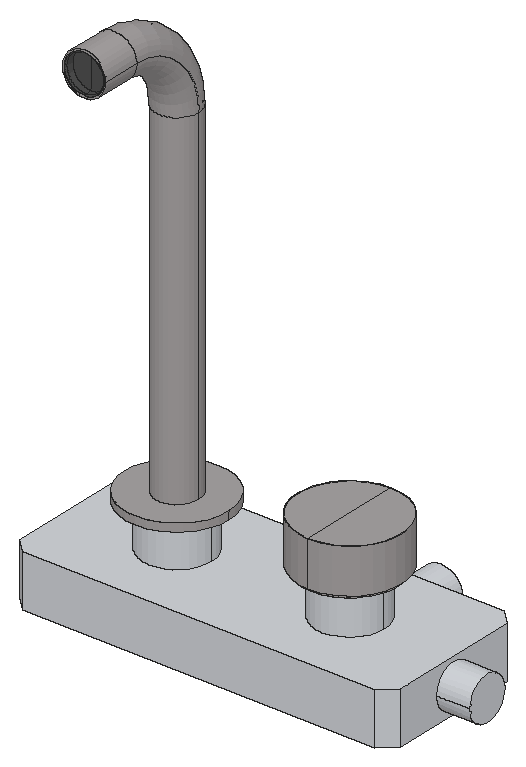
Revit family "Reece_Tap_Milli_Pure_Basin Mixer_Progressive_Wall Mounted_250 mm_Linear Texture", category Plumbing Fixtures, host Face, Revit 2018
Family settings
  Host = Face
  Round Connector Dimension = Use Diameter
  Part Type = Normal
  Cut with Voids When Loaded = No
  Shared = Yes
  Room Calculation Point = Yes
Parameters (values of type "Brushed Gunmetal")
  WFU = 0  # constant formula
  URL = "https://www.reece.com.au/product/-2224804"
  Type Comments = "Tap"
  Reece_Tap_Reach = 250 mm  # constant formula
  Reece_Tap_Inlet = 12 mm  # constant formula
  Reece_Product_Web Page = "https://www.reece.com.au/product/-2224804"
  Reece_Product_Type = "Tap"  # constant formula
  Reece_Product_Sub Brand = "Pure"  # constant formula
  Reece_Product_Number = "2224804"
  Reece_Product_Mount = "Wall Mounted"
  Reece_Product_Description = "Milli Pure Progressive Wall Basin Mixer Tap System 250mm with Linear Textured Handle Brushed Gunmetal (3 star)"
  Reece_Product_Brand = "Milli"  # constant formula
  Reece_Overall_Length = 262.5 mm  # constant formula
  Reece_Material_Secondary = Reece_Brass_Brushed Gunmetal_Linear Pattern
  Reece_Material-Main = Reece_Brass_Brushed Gunmetal
  Reece_Detail_Tap_Handle Texture = "Linear Texture\r\n"  # constant formula
  Reece_Detail_Installation = ""
  Reece_Detail_Disclaimer = "THIS FILE IS THE PROPERTY OF THE REECE GROUP. IT MAY NOT BE REPRODUCED, REVERSE-ENGINEERED OR MODIFIED. ANY REPUBLICATION, TRANSMISSION OR DISTRIBUTION FOR THE PURPOSE OF COMMERCIALLY EXPLOITING THE FILES IS PROHIBITED."  # constant formula
  Reece_Detail_Connector = ""
  Reece_Detail_Additional = "Basin Mixer"  # constant formula
  Reece_3D Texture = no
  Reece_3D Simplified Geometry = not(Reece_3D Texture)  # yes
  Model = "Pure"
  Manufacturer = "Milli"
  Keynote = "Product #2224804, Reece_Tap_Milli_Pure_Basin Mixer_Progressive_Wall Mounted_250 mm_Linear Texture - Brushed Gunmetal"
  HWFU = 0  # constant formula
  Disclaimer = "THIS FILE IS THE PROPERTY OF THE REECE GROUP. IT MAY NOT BE REPRODUCED, REVERSE-ENGINEERED OR MODIFIED. ANY REPUBLICATION, TRANSMISSION OR DISTRIBUTION FOR THE PURPOSE OF COMMERCIALLY EXPLOITING THE FILES IS PROHIBITED."  # constant formula
  Description = "Milli Pure Progressive Wall Basin Mixer Tap System 250mm with Linear Textured Handle Brushed Gunmetal (3 star)"
  Default Elevation = 1000 mm
  CWFU = 0  # constant formula
Types (7, lengths in mm): name | URL | Reece_Product_Web Page | Reece_Product_Number | Reece_Product_Description | Reece_Material_Secondary | Reece_Material-Main | Keynote | Description
  (no name) | "https://www.reece.com.au/product/-9510862" | "https://www.reece.com.au/product/-9510862" | "9510862" | "Milli Pure Progressive Wall Basin Mixer Tap System 250mm with Linear Textured Handle PVD Brushed Gold (3 Star)" | Reece_PVD_Brushed Gold_Linear Pattern | Reece_PVD_Brushed Gold | "Product #9510862, Reece_Tap_Milli_Pure_Basin Mixer_Progressive_Wall Mounted_250 mm_Linear Texture -  " | "Milli Pure Progressive Wall Basin Mixer Tap System 250mm with Linear Textured Handle PVD Brushed Gold (3 Star)"
  Brushed Gunmetal | "https://www.reece.com.au/product/-2224804" | "https://www.reece.com.au/product/-2224804" | "2224804" | "Milli Pure Progressive Wall Basin Mixer Tap System 250mm with Linear Textured Handle Brushed Gunmetal (3 star)" | Reece_Brass_Brushed Gunmetal_Linear Pattern | Reece_Brass_Brushed Gunmetal | "Product #2224804, Reece_Tap_Milli_Pure_Basin Mixer_Progressive_Wall Mounted_250 mm_Linear Texture - Brushed Gunmetal" | "Milli Pure Progressive Wall Basin Mixer Tap System 250mm with Linear Textured Handle Brushed Gunmetal (3 star)"
  Chrome | "https://www.reece.com.au/product/-2224802" | "https://www.reece.com.au/product/-2224802" | "2224802" | "Milli Pure Progressive Wall Basin Mixer Tap System 250mm with Linear Textured Handle Chrome (3 star)" | Reece_Brass_Chrome_Linear Pattern | Reece_Brass_Chrome | "Product #2224802, Reece_Tap_Milli_Pure_Basin Mixer_Progressive_Wall Mounted_250 mm_Linear Texture - Chrome" | "Milli Pure Progressive Wall Basin Mixer Tap System 250mm with Linear Textured Handle Chrome (3 star)"
  Matte Black | "https://www.reece.com.au/product/-2224805" | "https://www.reece.com.au/product/-2224805" | "2224805" | "Milli Pure Progressive Wall Basin Mixer Tap System 250mm with Linear Textured Handle Matte Black (3 star)" | Reece_Brass_Matte Black_Linear Pattern | Reece_Brass_Matte Black | "Product #2224805, Reece_Tap_Milli_Pure_Basin Mixer_Progressive_Wall Mounted_250 mm_Linear Texture - Matte Black" | "Milli Pure Progressive Wall Basin Mixer Tap System 250mm with Linear Textured Handle Matte Black (3 star)"
  Brushed Nickel | "https://www.reece.com.au/product/-2224803" | "https://www.reece.com.au/product/-2224803" | "2224803" | "Milli Pure Progressive Wall Basin Mixer Tap System 250mm with Linear Textured Handle Brushed Nickel (3 star)" | Reece_Brass_Brushed Nickel_Linear Pattern | Reece_Brass_Brushed Nickel | "Product #2224803, Reece_Tap_Milli_Pure_Basin Mixer_Progressive_Wall Mounted_250 mm_Linear Texture - Brushed Nickel" | "Milli Pure Progressive Wall Basin Mixer Tap System 250mm with Linear Textured Handle Brushed Nickel (3 star)"
  PVD Brushed Bronze | "https://www.reece.com.au/product/-9511047" | "https://www.reece.com.au/product/-9511047" | "9511047" | "Milli Pure Progressive Wall Basin Mixer Tap System 250mm with Linear Textured Handle PVD Brushed Bronze (3 Star)" | Reece_PVD_Brushed Bronze_Linear Pattern | Reece_PVD_Brushed Bronze | "Product #9511047, Reece_Tap_Milli_Pure_Basin Mixer_Progressive_Wall Mounted_250 mm_Linear Texture - PVD Brushed Bronze" | "Milli Pure Progressive Wall Basin Mixer Tap System 250mm with Linear Textured Handle PVD Brushed Bronze (3 Star)"
  PVD Brushed Gold | "https://www.reece.com.au/product/-9510862" | "https://www.reece.com.au/product/-9510862" | "9510862" | "Milli Pure Progressive Wall Basin Mixer Tap System 250mm with Linear Textured Handle PVD Brushed Gold (3 Star)" | Reece_PVD_Brushed Gold_Linear Pattern | Reece_PVD_Brushed Gold | "Product #9510862, Reece_Tap_Milli_Pure_Basin Mixer_Progressive_Wall Mounted_250 mm_Linear Texture - PVD Brushed Gold" | "Milli Pure Progressive Wall Basin Mixer Tap System 250mm with Linear Textured Handle PVD Brushed Gold (3 Star)"
Reference planes
  plane 1 "Center (Front/Back)": y = 0
  plane 2 "Bottom": z = 0
  plane 3 "Center (Left/Right)": x = 0
  plane 4 "Top": z = 262.5
  plane 5: z = 250
  plane 6: y = -67
  plane 7: x = 50
Forms (mm)
  Extrusion 1, solid, material "Reece_Brass_Brushed Gunmetal" <- "Reece_Material-Main"
    sketch origin (0, 0, 0) x (1, 0, 0) y (0, 1, 0)
      loop
        circle (-50, 0) r 30
    from 0 to 4.5
  Extrusion 2, solid, material "Reece_Brass_Brushed Gunmetal" <- "Reece_Material-Main"
    sketch origin (0, 0, 0) x (1, 0, 0) y (0, 1, 0)
      loop
        circle (50, 0) r 28
    from 1.5 to 0
  Sweep 3, solid, material "Reece_Brass_Brushed Gunmetal" <- "Reece_Material-Main"
    path origin (0, 0, 0) x (0, 1, 0) y (0, 0, 1)
      loop
        line (-67, 250) -> (-45, 250)
        arc (-45, 250) -> (-13.18, 236.82) -> (0, 205) r 45
        line (0, 205) -> (0, 0)
    profile origin (0, 0, 102.5) x (1, 0, 0) y (0, 1, 0)
      loop
        circle (-50, 0) r 12.5
      loop
        circle (-50, 0) r 11.5
  Revolve 4, solid, material "Reece_Brass_Matte Black"
    sketch origin (-50, -183.21, 118.488) x (0, 0.572951, -0.81959) y (0, 0.81959, 0.572951)
      loop
        line (-38.39, 174.619) -> (-37.119, 176.437) -> (-46.38, 182.911) -> (-50.465, 177.068) -> (-49.461, 177.508) -> (-47.184, 180.766) -> (-38.39, 174.619)
      axis (-37.119, 176.437) -> (-41.203, 170.594)
    angle from 0 to 360
  Extrusion 5, solid
    sketch origin (0, 0, 0) x (1, 0, 0) y (0, 1, 0)
      loop
        circle (50, 0) r 20
    from 0 to -25
  Extrusion 6, solid
    sketch origin (0, 0, 0) x (1, 0, 0) y (0, 1, 0)
      loop
        line (-101.853, 46.5) -> (-110, 38.353) -> (-110, -38.353) -> (-101.853, -46.5) -> (101.853, -46.5) -> (110, -38.353) -> (110, 38.353) -> (101.853, 46.5) -> (-101.853, 46.5)
    from -55 to -25
  Extrusion 7, solid
    sketch origin (-100, 0, 0) x (1, 0, 0) y (0, 1, 0)
      loop
        circle (50, 0) r 20
    from 0 to -25
  Extrusion 8, solid
    sketch origin (0, 0, 0) x (1, 0, 0) y (0, 0, 1)
      loop
        circle (50, -40) r 12.5
    from -66.119 to -46.5
  Extrusion 9, solid
    sketch origin (63.5, 50, 0) x (0, -1, 0) y (0, 0, 1)
      loop
        circle (50, -40) r 12.5
    from -66.119 to -46.5
  Extrusion 10, void
    sketch origin (-100, 0, 0) x (1, 0, 0) y (0, 1, 0)
      loop
        circle (50, 0) r 25
    from 0 to -30
  Extrusion 11, void
    sketch origin (100, 0, 0) x (-1, 0, 0) y (0, -1, 0)
      loop
        circle (50, 0) r 25
    from 0 to -30
Cuts and joins
  Extrusion 11 cuts Extrusion 1
  Extrusion 11 cuts Sweep 3
  joined: Extrusion 1, Sweep 3
  Extrusion 11 cuts Extrusion 7
  Extrusion 11 cuts Extrusion 8
  Extrusion 11 cuts Extrusion 9
  joined: Extrusion 5, Extrusion 6, Extrusion 7, Extrusion 8, Extrusion 9
Text (mm)
  text "Reece Copyright © 2018, Reece Ltd." at (-1403.988, -1192.393, 0), in view "Ref. Level"
  text "Reece ©" at (44.384, 258.95, 192.345), in view "Reece Preview"
Dimensions and locks
  "Reece_Tap_Reach": plane 5 to plane 2 "Bottom"
  plane 1 "Center (Front/Back)" to plane 6 = 67 mm
  locked: plane 4 "Top" to plane 5 at 12.5
  "Reece_Overall_Length": plane 4 "Top" to plane 2 "Bottom"
  aligned and locked: plane 2 "Bottom" to host face
  aligned and locked: level to host face
  aligned and locked: host face to Extrusion 10
Automatic sketch dimensions
  host sketch curve to host sketch curve = 380.785 mm
  host sketch curve to host sketch curve = 317.421 mm
  plane 1 "Center (Front/Back)" to Extrusion 1 sketch curve = 0 mm
  Extrusion 1 sketch curve to plane 3 "Center (Left/Right)" = 50 mm
  plane 1 "Center (Front/Back)" to Extrusion 2 sketch curve = 0 mm
  plane 3 "Center (Left/Right)" to Extrusion 2 sketch curve = 50 mm
  Sweep 3 sketch curve to plane 5 = 0 mm
  Sweep 3 sketch curve to plane 6 = 0 mm
  level to Sweep 3 sketch curve = 0 mm
  Sweep 3 sketch curve to plane 1 "Center (Front/Back)" = 0 mm
  Sweep 3 sketch curve to plane 6 = 22 mm
  Sweep 3 sketch curve to Sweep 3 sketch curve = 0 mm  (x2)
  profile plane to Sweep 3 sketch curve = 0 mm
  Sweep 3 sketch curve to plane 3 "Center (Left/Right)" = 50 mm
  Revolve 4 sketch curve to plane 5 = 0 mm  (x4)
  Revolve 4 sketch curve to plane 6 = 0 mm
  Revolve 4 sketch curve to plane 4 "Top" = 1.2 mm
  Revolve 4 sketch curve to Revolve 4 sketch curve = 1.003 mm
  Revolve 4 sketch curve to Revolve 4 sketch curve = 2.278 mm
  Revolve 4 sketch curve to Revolve 4 sketch curve = 0.803 mm
  Revolve 4 sketch curve to Revolve 4 sketch curve = 1.271 mm
  Revolve 4 sketch curve to Revolve 4 sketch curve = 17.422 mm
  Revolve 4 sketch curve to Revolve 4 sketch curve = 3.892 mm
  Extrusion 5 sketch curve to Extrusion 5 sketch curve = 0 mm  (x2)
  plane 1 "Center (Front/Back)" to Extrusion 5 sketch curve = 0 mm
  plane 3 "Center (Left/Right)" to Extrusion 5 sketch curve = 50 mm
  Extrusion 5 sketch curve to Extrusion 5 sketch curve = 20 mm
  Extrusion 6 sketch curve to Extrusion 6 sketch curve = 8.147 mm  (x7)
  Extrusion 6 sketch curve to plane 1 "Center (Front/Back)" = 46.5 mm
  Extrusion 6 sketch curve to plane 3 "Center (Left/Right)" = 101.853 mm
  Extrusion 6 sketch curve to plane 6 = 20.5 mm
  Extrusion 6 sketch curve to Extrusion 6 sketch curve = 0 mm
  Extrusion 7 sketch curve to Extrusion 7 sketch curve = 0 mm  (x2)
  plane 1 "Center (Front/Back)" to Extrusion 7 sketch curve = 0 mm
  Extrusion 7 sketch curve to plane 3 "Center (Left/Right)" = 50 mm
  Extrusion 7 sketch curve to Extrusion 7 sketch curve = 20 mm
  plane 3 "Center (Left/Right)" to Extrusion 8 sketch curve = 50 mm
  Extrusion 8 sketch curve to level = 40 mm
  Extrusion 9 sketch curve to plane 1 "Center (Front/Back)" = 0 mm
  Extrusion 9 sketch curve to level = 40 mm
  Extrusion 10 sketch curve to Extrusion 10 sketch curve = 0 mm  (x2)
  plane 1 "Center (Front/Back)" to Extrusion 10 sketch curve = 0 mm
  Extrusion 10 sketch curve to plane 3 "Center (Left/Right)" = 50 mm
  Extrusion 10 sketch curve to Extrusion 10 sketch curve = 25 mm
  Extrusion 11 sketch curve to Extrusion 11 sketch curve = 0 mm  (x2)
  plane 1 "Center (Front/Back)" to Extrusion 11 sketch curve = 0 mm
  Extrusion 11 sketch curve to plane 3 "Center (Left/Right)" = 50 mm
  Extrusion 11 sketch curve to Extrusion 11 sketch curve = 25 mm
  plane 3 "Center (Left/Right)" to Extrusion 6 sketch curve = 101.853 mm
  radius of Extrusion 1 sketch curve = 30 mm
  radius of Extrusion 2 sketch curve = 28 mm
  radius of Sweep 3 sketch curve = 12.5 mm
  radius of Sweep 3 sketch curve = 11.5 mm
  radius of Extrusion 8 sketch curve = 12.5 mm
  radius of Extrusion 9 sketch curve = 12.5 mm
Nested families
  nested 1: "Reece_Tap_Milli_Pure_Diverter_Linear Texture_Cap_60mm" at (50, 0, 0), visible <- "Reece_3D Texture", Reece_Material-Main <- "Reece_Material-Main", Reece_Material_Secondary <- "Reece_Material_Secondary", type "60mm x 28mm"
    with Reece_Material_Secondary Reece_Brass_Brushed Gunmetal_Linear Pattern, Reece_Material-Main Reece_Brass_Brushed Gunmetal
  nested 2: "Reece_Tap_Milli_Pure_Diverter_Texture_Main_Nested" at (50, 0, 0), visible <- "Reece_3D Simplified Geometry", Reece_Material-Main <- "Reece_Material-Main", Reece_Material_Secondary <- "Reece_Material_Secondary", type "60mm x 28mm"
    with Reece_Material_Secondary Reece_Brass_Brushed Gunmetal_Linear Pattern, Reece_Material-Main Reece_Brass_Brushed Gunmetal
Connectors
  piping at (50, 66.119, -40), diameter 12, driven by "Reece_Tap_Inlet"
    settings: on cut or joined group of Extrusion 5, Extrusion 6, Extrusion 7, Extrusion 8, Extrusion 9, Extrusion 11, index 1, connector inside diameter 609.6 mm, connector length 0 mm, flow factor 0, pipe flow 0.0 L/s, pressure drop 0.0 Pa, fitting loss kfactor 0, connector angle 0.00°, fixture units 0, engagement length 0 mm, angle of deflection 0.00°, flow configuration 0, flow direction 1, fitting loss method 0, system type 29, joint type 0, gender type 0, connector reference index -1, connector utility 0, adjustable connector no, is connector primary yes, connector description ""
  piping at (129.619, 0, -40), diameter 12, driven by "Reece_Tap_Inlet"
    settings: on cut or joined group of Extrusion 5, Extrusion 6, Extrusion 7, Extrusion 8, Extrusion 9, Extrusion 11, index 2, connector inside diameter 609.6 mm, connector length 0 mm, flow factor 0, pipe flow 0.0 L/s, pressure drop 0.0 Pa, fitting loss kfactor 0, connector angle 0.00°, fixture units 0, engagement length 0 mm, angle of deflection 0.00°, flow configuration 0, flow direction 1, fitting loss method 0, system type 29, joint type 0, gender type 0, connector reference index -1, connector utility 0, adjustable connector no, is connector primary no, connector description ""
Definition of nested family "Reece_Tap_Milli_Pure_Diverter_Linear Texture_Cap_60mm"
  Parameters (values of type "60mm x 28mm")
    WFU = 0  # constant formula
    Reece_Tap_Inlet = 0 mm
    Reece_Overall_Length = 60 mm
    Reece_Overall_Height = 28 mm
    Reece_Material_Secondary [instance] = none
    Reece_Material-Main [instance] = none
    Reece_Detail_Installation = ""
    Reece_Detail_Connector = ""
    Reece_Detail_Additional = ""
    HWFU = 0  # constant formula
    Default Elevation = 1000 mm
    CWFU = 0  # constant formula
  Reference planes
    plane 1 "Center (Front/Back)": y = 0
    plane 2 "Bottom": z = 0
    plane 3 "Center (Left/Right)": x = 0
    plane 4: z = 28
    plane 5: y = -30
    plane 6: y = 30
  Forms (mm)
    Extrusion 1, solid
      sketch origin (619.2, -619.2, 0) x (1, 0, 0) y (0, 1, 0)
        loop
          line (-809.2, 779.2) -> (-809.2, 461.779) -> (-428.415, 461.779) -> (-428.415, 779.2) -> (-809.2, 779.2)
      from 0 to -9.564
    Revolve 2, solid, material <- "Reece_Material-Main"
      sketch origin (0, 0, -140.292) x (0, 1, 0) y (0, 0, 1)
        loop
          line (0, 148.292) -> (-30, 148.292) -> (-30, 142.292) -> (-27.915, 142.292) -> (-27.915, 140.292) -> (-25.915, 140.292) -> (-25.915, 144.803) -> (0, 144.803) -> (0, 148.292)
        axis (0, 140.292) -> (0, 148.292)
      angle from 0 to 360
    Extrusion 3, solid, material <- "Reece_Material-Main"
      sketch origin (300, 0, 0) x (1, 0, 0) y (0, 1, 0)
        loop
          arc (-296.155, 28.799) -> (-297.018, 29.853) -> (-298.073, 28.991) r 0.964
          arc (-298.073, 28.991) -> (-298.726, 29.95) -> (-299.664, 29.266) r 0.808
          arc (-299.664, 29.266) -> (-300.6, 29.978) -> (-301.291, 29.026) r 0.823
          arc (-301.291, 29.026) -> (-302.327, 29.911) -> (-303.213, 28.877) r 0.964
          arc (-303.213, 28.877) -> (-304.305, 29.691) -> (-305.121, 28.6) r 0.964
          arc (-305.121, 28.6) -> (-306.265, 29.34) -> (-307.007, 28.197) r 0.964
          arc (-307.007, 28.197) -> (-308.197, 28.86) -> (-308.861, 27.671) r 0.964
          arc (-308.861, 27.671) -> (-310.093, 28.253) -> (-310.677, 27.022) r 0.964
          arc (-310.677, 27.022) -> (-311.945, 27.522) -> (-312.445, 26.254) r 0.964
          arc (-312.445, 26.254) -> (-313.743, 26.669) -> (-314.159, 25.371) r 0.964
          arc (-314.159, 25.371) -> (-315.482, 25.699) -> (-315.811, 24.376) r 0.964
          arc (-315.811, 24.376) -> (-317.152, 24.615) -> (-317.393, 23.274) r 0.964
          arc (-317.393, 23.274) -> (-318.747, 23.423) -> (-318.898, 22.069) r 0.964
          arc (-318.898, 22.069) -> (-320.259, 22.129) -> (-320.32, 20.767) r 0.964
          arc (-320.32, 20.767) -> (-321.682, 20.736) -> (-321.652, 19.374) r 0.964
          arc (-321.652, 19.374) -> (-323.01, 19.253) -> (-322.89, 17.895) r 0.964
          arc (-322.89, 17.895) -> (-324.236, 17.684) -> (-324.026, 16.338) r 0.964
          arc (-324.026, 16.338) -> (-325.355, 16.038) -> (-325.057, 14.708) r 0.964
          arc (-325.057, 14.708) -> (-326.363, 14.321) -> (-325.977, 13.014) r 0.964
          arc (-325.977, 13.014) -> (-327.255, 12.541) -> (-326.783, 11.263) r 0.964
          arc (-326.783, 11.263) -> (-328.027, 10.706) -> (-327.471, 9.462) r 0.964
          arc (-327.471, 9.462) -> (-328.675, 8.824) -> (-328.038, 7.619) r 0.964
          arc (-328.038, 7.619) -> (-329.197, 6.902) -> (-328.482, 5.743) r 0.964
          arc (-328.482, 5.743) -> (-329.59, 4.951) -> (-328.8, 3.841) r 0.964
          arc (-328.8, 3.841) -> (-329.854, 2.978) -> (-328.991, 1.923) r 0.964
          arc (-328.991, 1.923) -> (-329.985, 0.991) -> (-329.055, -0.004) r 0.964
          arc (-329.055, -0.004) -> (-329.985, -1) -> (-328.991, -1.931) r 0.964
          arc (-328.991, -1.931) -> (-329.853, -2.986) -> (-328.799, -3.85) r 0.964
          arc (-328.799, -3.85) -> (-329.589, -4.96) -> (-328.48, -5.751) r 0.964
          arc (-328.48, -5.751) -> (-329.195, -6.911) -> (-328.036, -7.627) r 0.964
          arc (-328.036, -7.627) -> (-328.672, -8.832) -> (-327.468, -9.47) r 0.964
          arc (-327.468, -9.47) -> (-328.023, -10.714) -> (-326.78, -11.271) r 0.964
          arc (-326.78, -11.271) -> (-327.251, -12.549) -> (-325.973, -13.022) r 0.964
          arc (-325.973, -13.022) -> (-326.359, -14.329) -> (-325.052, -14.716) r 0.964
          arc (-325.052, -14.716) -> (-325.351, -16.045) -> (-324.021, -16.345) r 0.964
          arc (-324.021, -16.345) -> (-324.231, -17.691) -> (-322.884, -17.902) r 0.964
          arc (-322.884, -17.902) -> (-323.004, -19.259) -> (-321.647, -19.38) r 0.964
          arc (-321.647, -19.38) -> (-321.676, -20.743) -> (-320.314, -20.773) r 0.964
          arc (-320.314, -20.773) -> (-320.253, -22.135) -> (-318.891, -22.075) r 0.964
          arc (-318.891, -22.075) -> (-318.74, -23.429) -> (-317.386, -23.279) r 0.964
          arc (-317.386, -23.279) -> (-317.145, -24.62) -> (-315.804, -24.381) r 0.964
          arc (-315.804, -24.381) -> (-315.474, -25.703) -> (-314.152, -25.375) r 0.964
          arc (-314.152, -25.375) -> (-313.736, -26.673) -> (-312.438, -26.258) r 0.964
          arc (-312.438, -26.258) -> (-311.936, -27.525) -> (-310.669, -27.025) r 0.964
          arc (-310.669, -27.025) -> (-310.085, -28.256) -> (-308.853, -27.673) r 0.964
          arc (-308.853, -27.673) -> (-308.189, -28.863) -> (-306.998, -28.199) r 0.964
          arc (-306.998, -28.199) -> (-306.256, -29.342) -> (-305.113, -28.601) r 0.964
          arc (-305.113, -28.601) -> (-304.297, -29.693) -> (-303.205, -28.878) r 0.964
          arc (-303.205, -28.878) -> (-302.318, -29.912) -> (-301.282, -29.026) r 0.964
          arc (-301.282, -29.026) -> (-300.329, -30) -> (-299.354, -29.048) r 0.964
          arc (-299.354, -29.048) -> (-298.339, -29.956) -> (-297.429, -28.941) r 0.964
          arc (-297.429, -28.941) -> (-296.356, -29.78) -> (-295.516, -28.707) r 0.964
          arc (-295.516, -28.707) -> (-294.389, -29.472) -> (-293.622, -28.346) r 0.964
          arc (-293.622, -28.346) -> (-292.446, -29.035) -> (-291.756, -27.861) r 0.964
          arc (-291.756, -27.861) -> (-290.537, -28.47) -> (-289.926, -27.252) r 0.964
          arc (-289.926, -27.252) -> (-288.67, -27.78) -> (-288.141, -26.524) r 0.964
          arc (-288.141, -26.524) -> (-286.852, -26.968) -> (-286.408, -25.679) r 0.964
          arc (-286.408, -25.679) -> (-285.093, -26.036) -> (-284.735, -24.722) r 0.964
          arc (-284.735, -24.722) -> (-283.399, -24.99) -> (-283.129, -23.655) r 0.964
          arc (-283.129, -23.655) -> (-281.778, -23.834) -> (-281.597, -22.484) r 0.964
          arc (-281.597, -22.484) -> (-280.238, -22.573) -> (-280.147, -21.214) r 0.964
          arc (-280.147, -21.214) -> (-278.784, -21.213) -> (-278.783, -19.85) r 0.964
          arc (-278.783, -19.85) -> (-277.424, -19.759) -> (-277.514, -18.399) r 0.964
          arc (-277.514, -18.399) -> (-276.163, -18.218) -> (-276.343, -16.868) r 0.964
          arc (-276.343, -16.868) -> (-275.007, -16.597) -> (-275.276, -15.262) r 0.964
          arc (-275.276, -15.262) -> (-273.962, -14.903) -> (-274.319, -13.588) r 0.964
          arc (-274.319, -13.588) -> (-273.03, -13.144) -> (-273.474, -11.855) r 0.964
          arc (-273.474, -11.855) -> (-272.218, -11.326) -> (-272.746, -10.07) r 0.964
          arc (-272.746, -10.07) -> (-271.528, -9.459) -> (-272.138, -8.24) r 0.964
          arc (-272.138, -8.24) -> (-270.964, -7.549) -> (-271.653, -6.374) r 0.964
          arc (-271.653, -6.374) -> (-270.527, -5.607) -> (-271.293, -4.48) r 0.964
          arc (-271.293, -4.48) -> (-270.22, -3.64) -> (-271.059, -2.566) r 0.964
          arc (-271.059, -2.566) -> (-270.044, -1.657) -> (-270.952, -0.641) r 0.964
          arc (-270.952, -0.641) -> (-270, 0.333) -> (-270.974, 1.287) r 0.964
          arc (-270.974, 1.287) -> (-270.088, 2.322) -> (-271.123, 3.209) r 0.964
          arc (-271.123, 3.209) -> (-270.308, 4.301) -> (-271.399, 5.117) r 0.964
          arc (-271.399, 5.117) -> (-270.659, 6.261) -> (-271.802, 7.002) r 0.964
          arc (-271.802, 7.002) -> (-271.138, 8.193) -> (-272.328, 8.857) r 0.964
          arc (-272.328, 8.857) -> (-271.745, 10.089) -> (-272.977, 10.673) r 0.964
          arc (-272.977, 10.673) -> (-272.477, 11.941) -> (-273.744, 12.442) r 0.964
          arc (-273.744, 12.442) -> (-273.329, 13.74) -> (-274.627, 14.156) r 0.964
          arc (-274.627, 14.156) -> (-274.299, 15.478) -> (-275.621, 15.807) r 0.964
          arc (-275.621, 15.807) -> (-275.382, 17.149) -> (-276.723, 17.389) r 0.964
          arc (-276.723, 17.389) -> (-276.574, 18.744) -> (-277.928, 18.895) r 0.964
          arc (-277.928, 18.895) -> (-277.868, 20.256) -> (-279.23, 20.317) r 0.964
          arc (-279.23, 20.317) -> (-279.261, 21.679) -> (-280.623, 21.65) r 0.964
          arc (-280.623, 21.65) -> (-280.744, 23.007) -> (-282.101, 22.887) r 0.964
          arc (-282.101, 22.887) -> (-282.312, 24.233) -> (-283.659, 24.024) r 0.964
          arc (-283.659, 24.024) -> (-283.958, 25.353) -> (-285.288, 25.055) r 0.964
          arc (-285.288, 25.055) -> (-285.675, 26.361) -> (-286.982, 25.975) r 0.964
          arc (-286.982, 25.975) -> (-287.455, 27.253) -> (-288.733, 26.781) r 0.964
          arc (-288.733, 26.781) -> (-289.29, 28.025) -> (-290.534, 27.47) r 0.964
          arc (-290.534, 27.47) -> (-291.172, 28.674) -> (-292.377, 28.037) r 0.964
          arc (-292.377, 28.037) -> (-293.093, 29.196) -> (-294.253, 28.481) r 0.964
          arc (-294.253, 28.481) -> (-295.045, 29.59) -> (-296.155, 28.799) r 0.964
      from 8 to 28
  Text (mm)
    text "Reece Copyright © 2018, Reece Ltd." at (-1403.988, -1192.393, 0), in view "Ref. Level"
    text "Reece ©" at (44.384, 258.95, 192.345), in view "Reece Preview"
  Dimensions and locks
    "Reece_Overall_Height": plane 4 to plane 2 "Bottom"
    "Reece_Overall_Length": plane 5 to plane 6
    equal spacing: plane 6, plane 1 "Center (Front/Back)", plane 5
    aligned and locked: plane 2 "Bottom" to Extrusion 1
    aligned and locked: level to Extrusion 1
    aligned and locked: plane 4 to Extrusion 3
  Automatic sketch dimensions
    Extrusion 1 sketch curve to Extrusion 1 sketch curve = 380.785 mm
    Extrusion 1 sketch curve to Extrusion 1 sketch curve = 317.421 mm
    level to Revolve 2 sketch curve = 0 mm
    Revolve 2 sketch curve to plane 1 "Center (Front/Back)" = 0 mm  (x2)
    level to Revolve 2 sketch curve = 2 mm
    level to Revolve 2 sketch curve = 4.511 mm
    Revolve 2 sketch curve to Revolve 2 sketch curve = 3.489 mm
    plane 4 to Revolve 2 sketch curve = 17.996 mm
    Revolve 2 sketch curve to Revolve 2 sketch curve = 3.712 mm
    Revolve 2 sketch curve to plane 5 = 0 mm
    Extrusion 3 sketch curve to plane 1 "Center (Front/Back)" = 0.959 mm
    Extrusion 3 sketch curve to plane 3 "Center (Left/Right)" = 29.022 mm
    plane 1 "Center (Front/Back)" to Extrusion 3 sketch curve = 0.968 mm
    Extrusion 3 sketch curve to Extrusion 3 sketch curve = 0 mm
    Extrusion 3 sketch curve to Extrusion 3 sketch curve = 0.128 mm  (x2)
    Extrusion 3 sketch curve to Extrusion 3 sketch curve = 0.255 mm  (x2)
    Extrusion 3 sketch curve to Extrusion 3 sketch curve = 0.381 mm  (x2)
    Extrusion 3 sketch curve to Extrusion 3 sketch curve = 0.505 mm
    Extrusion 3 sketch curve to Extrusion 3 sketch curve = 0.506 mm
    Extrusion 3 sketch curve to Extrusion 3 sketch curve = 0.627 mm
    Extrusion 3 sketch curve to Extrusion 3 sketch curve = 0.628 mm  (x2)
    Extrusion 3 sketch curve to Extrusion 3 sketch curve = 0.747 mm  (x3)
    Extrusion 3 sketch curve to Extrusion 3 sketch curve = 0.863 mm  (x2)
    Extrusion 3 sketch curve to Extrusion 3 sketch curve = 0.864 mm
    Extrusion 3 sketch curve to Extrusion 3 sketch curve = 0.975 mm
    Extrusion 3 sketch curve to Extrusion 3 sketch curve = 0.976 mm  (x2)
    Extrusion 3 sketch curve to Extrusion 3 sketch curve = 1.084 mm  (x3)
    Extrusion 3 sketch curve to Extrusion 3 sketch curve = 1.187 mm  (x3)
    Extrusion 3 sketch curve to Extrusion 3 sketch curve = 1.285 mm  (x3)
    Extrusion 3 sketch curve to Extrusion 3 sketch curve = 1.377 mm  (x2)
    Extrusion 3 sketch curve to Extrusion 3 sketch curve = 1.378 mm
    Extrusion 3 sketch curve to Extrusion 3 sketch curve = 1.464 mm  (x3)
    Extrusion 3 sketch curve to Extrusion 3 sketch curve = 1.544 mm  (x3)
    Extrusion 3 sketch curve to Extrusion 3 sketch curve = 1.617 mm  (x3)
    Extrusion 3 sketch curve to Extrusion 3 sketch curve = 1.683 mm  (x3)
    Extrusion 3 sketch curve to Extrusion 3 sketch curve = 1.741 mm  (x3)
    Extrusion 3 sketch curve to Extrusion 3 sketch curve = 1.792 mm  (x3)
    Extrusion 3 sketch curve to Extrusion 3 sketch curve = 1.835 mm  (x3)
    Extrusion 3 sketch curve to Extrusion 3 sketch curve = 1.87 mm  (x3)
    Extrusion 3 sketch curve to Extrusion 3 sketch curve = 1.897 mm  (x3)
    Extrusion 3 sketch curve to Extrusion 3 sketch curve = 1.915 mm  (x3)
    Extrusion 3 sketch curve to plane 3 "Center (Left/Right)" = 0.48 mm
    Extrusion 3 sketch curve to plane 3 "Center (Left/Right)" = 0.318 mm
    plane 3 "Center (Left/Right)" to Extrusion 3 sketch curve = 1.136 mm
    plane 3 "Center (Left/Right)" to Extrusion 3 sketch curve = 1.608 mm
    Extrusion 3 sketch curve to Extrusion 3 sketch curve = 1.75 mm
    Extrusion 3 sketch curve to Extrusion 3 sketch curve = 1.919 mm  (x2)
    Extrusion 3 sketch curve to Extrusion 3 sketch curve = 1.91 mm  (x2)
    Extrusion 3 sketch curve to Extrusion 3 sketch curve = 1.904 mm  (x2)
    Extrusion 3 sketch curve to Extrusion 3 sketch curve = 1.889 mm  (x3)
    Extrusion 3 sketch curve to Extrusion 3 sketch curve = 1.88 mm  (x2)
    Extrusion 3 sketch curve to Extrusion 3 sketch curve = 1.859 mm  (x3)
    Extrusion 3 sketch curve to Extrusion 3 sketch curve = 1.848 mm  (x2)
    Extrusion 3 sketch curve to Extrusion 3 sketch curve = 1.822 mm  (x3)
    Extrusion 3 sketch curve to Extrusion 3 sketch curve = 1.807 mm  (x2)
    Extrusion 3 sketch curve to Extrusion 3 sketch curve = 1.776 mm  (x3)
    Extrusion 3 sketch curve to Extrusion 3 sketch curve = 1.759 mm  (x2)
    Extrusion 3 sketch curve to Extrusion 3 sketch curve = 1.723 mm  (x3)
    Extrusion 3 sketch curve to Extrusion 3 sketch curve = 1.703 mm  (x2)
    Extrusion 3 sketch curve to Extrusion 3 sketch curve = 1.662 mm  (x2)
    Extrusion 3 sketch curve to Extrusion 3 sketch curve = 1.639 mm
    Extrusion 3 sketch curve to Extrusion 3 sketch curve = 1.593 mm  (x3)
    Extrusion 3 sketch curve to Extrusion 3 sketch curve = 1.569 mm  (x2)
    Extrusion 3 sketch curve to Extrusion 3 sketch curve = 1.518 mm  (x3)
    Extrusion 3 sketch curve to Extrusion 3 sketch curve = 1.491 mm  (x2)
    Extrusion 3 sketch curve to Extrusion 3 sketch curve = 1.436 mm  (x3)
    Extrusion 3 sketch curve to Extrusion 3 sketch curve = 1.407 mm  (x2)
    Extrusion 3 sketch curve to Extrusion 3 sketch curve = 1.347 mm  (x2)
    Extrusion 3 sketch curve to Extrusion 3 sketch curve = 1.316 mm
    Extrusion 3 sketch curve to Extrusion 3 sketch curve = 1.253 mm  (x3)
    Extrusion 3 sketch curve to Extrusion 3 sketch curve = 1.22 mm  (x2)
    Extrusion 3 sketch curve to Extrusion 3 sketch curve = 1.153 mm  (x3)
    Extrusion 3 sketch curve to Extrusion 3 sketch curve = 1.119 mm  (x2)
    Extrusion 3 sketch curve to Extrusion 3 sketch curve = 1.048 mm  (x2)
    Extrusion 3 sketch curve to Extrusion 3 sketch curve = 1.012 mm  (x2)
    Extrusion 3 sketch curve to Extrusion 3 sketch curve = 0.939 mm  (x3)
    Extrusion 3 sketch curve to Extrusion 3 sketch curve = 0.901 mm  (x3)
    Extrusion 3 sketch curve to Extrusion 3 sketch curve = 0.825 mm  (x5)
    Extrusion 3 sketch curve to Extrusion 3 sketch curve = 0.786 mm  (x2)
    Extrusion 3 sketch curve to Extrusion 3 sketch curve = 0.708 mm  (x2)
    Extrusion 3 sketch curve to Extrusion 3 sketch curve = 0.668 mm  (x2)
    Extrusion 3 sketch curve to Extrusion 3 sketch curve = 0.587 mm
    Extrusion 3 sketch curve to Extrusion 3 sketch curve = 0.546 mm
    Extrusion 3 sketch curve to Extrusion 3 sketch curve = 0.464 mm
    Extrusion 3 sketch curve to Extrusion 3 sketch curve = 0.423 mm  (x2)
    Extrusion 3 sketch curve to Extrusion 3 sketch curve = 0.339 mm
    Extrusion 3 sketch curve to Extrusion 3 sketch curve = 0.297 mm
    Extrusion 3 sketch curve to Extrusion 3 sketch curve = 0.213 mm
    plane 1 "Center (Front/Back)" to Extrusion 3 sketch curve = 1.604 mm
    Extrusion 3 sketch curve to Extrusion 3 sketch curve = 0.17 mm
    Extrusion 3 sketch curve to plane 1 "Center (Front/Back)" = 0.323 mm
    Extrusion 3 sketch curve to Extrusion 3 sketch curve = 0.085 mm
    Extrusion 3 sketch curve to Extrusion 3 sketch curve = 1.317 mm
    Extrusion 3 sketch curve to Extrusion 3 sketch curve = 1.64 mm
    Extrusion 3 sketch curve to Extrusion 3 sketch curve = 1.661 mm
    Extrusion 3 sketch curve to Extrusion 3 sketch curve = 1.923 mm  (x2)
    Extrusion 3 sketch curve to Extrusion 3 sketch curve = 1.925 mm
    Extrusion 3 sketch curve to Extrusion 3 sketch curve = 1.348 mm
    Extrusion 3 sketch curve to Extrusion 3 sketch curve = 1.049 mm
    plane 1 "Center (Front/Back)" to Extrusion 3 sketch curve = 0.004 mm
    Extrusion 3 sketch curve to Extrusion 3 sketch curve = 0.033 mm
    Extrusion 3 sketch curve to Extrusion 3 sketch curve = 0.031 mm  (x2)
    Extrusion 3 sketch curve to Extrusion 3 sketch curve = 0.16 mm  (x2)
    Extrusion 3 sketch curve to Extrusion 3 sketch curve = 0.158 mm
    Extrusion 3 sketch curve to Extrusion 3 sketch curve = 0.223 mm
    Extrusion 3 sketch curve to Extrusion 3 sketch curve = 0.221 mm
    Extrusion 3 sketch curve to Extrusion 3 sketch curve = 0.285 mm
    Extrusion 3 sketch curve to Extrusion 3 sketch curve = 0.345 mm
    Extrusion 3 sketch curve to Extrusion 3 sketch curve = 0.283 mm
    Extrusion 3 sketch curve to Extrusion 3 sketch curve = 0.343 mm
    Extrusion 3 sketch curve to Extrusion 3 sketch curve = 0.404 mm
    Extrusion 3 sketch curve to Extrusion 3 sketch curve = 0.402 mm
    Extrusion 3 sketch curve to Extrusion 3 sketch curve = 0.461 mm
    Extrusion 3 sketch curve to Extrusion 3 sketch curve = 0.459 mm
    Extrusion 3 sketch curve to Extrusion 3 sketch curve = 0.516 mm
    Extrusion 3 sketch curve to Extrusion 3 sketch curve = 0.569 mm
    Extrusion 3 sketch curve to Extrusion 3 sketch curve = 0.515 mm
    Extrusion 3 sketch curve to Extrusion 3 sketch curve = 0.567 mm
    Extrusion 3 sketch curve to Extrusion 3 sketch curve = 0.568 mm
    Extrusion 3 sketch curve to Extrusion 3 sketch curve = 0.667 mm
    Extrusion 3 sketch curve to Extrusion 3 sketch curve = 0.618 mm
    Extrusion 3 sketch curve to Extrusion 3 sketch curve = 0.712 mm  (x2)
    Extrusion 3 sketch curve to Extrusion 3 sketch curve = 0.71 mm
    Extrusion 3 sketch curve to Extrusion 3 sketch curve = 0.711 mm
    Extrusion 3 sketch curve to Extrusion 3 sketch curve = 0.791 mm  (x2)
    Extrusion 3 sketch curve to Extrusion 3 sketch curve = 0.752 mm
    Extrusion 3 sketch curve to Extrusion 3 sketch curve = 0.826 mm  (x2)
    Extrusion 3 sketch curve to Extrusion 3 sketch curve = 0.885 mm  (x2)
    Extrusion 3 sketch curve to Extrusion 3 sketch curve = 0.908 mm  (x2)
    Extrusion 3 sketch curve to Extrusion 3 sketch curve = 0.907 mm
    Extrusion 3 sketch curve to Extrusion 3 sketch curve = 0.928 mm
    Extrusion 3 sketch curve to Extrusion 3 sketch curve = 0.914 mm
    Extrusion 3 sketch curve to Extrusion 3 sketch curve = 0.922 mm
    Extrusion 3 sketch curve to Extrusion 3 sketch curve = 0.915 mm
    Extrusion 3 sketch curve to Extrusion 3 sketch curve = 0.893 mm
    Extrusion 3 sketch curve to Extrusion 3 sketch curve = 0.847 mm
    Extrusion 3 sketch curve to Extrusion 3 sketch curve = 0.836 mm
    Extrusion 3 sketch curve to Extrusion 3 sketch curve = 0.814 mm
    Extrusion 3 sketch curve to Extrusion 3 sketch curve = 0.837 mm
    Extrusion 3 sketch curve to Extrusion 3 sketch curve = 0.815 mm
    Extrusion 3 sketch curve to Extrusion 3 sketch curve = 0.765 mm
    Extrusion 3 sketch curve to Extrusion 3 sketch curve = 0.739 mm
    Extrusion 3 sketch curve to Extrusion 3 sketch curve = 0.725 mm
    Extrusion 3 sketch curve to Extrusion 3 sketch curve = 0.696 mm
    Extrusion 3 sketch curve to Extrusion 3 sketch curve = 0.726 mm
    Extrusion 3 sketch curve to Extrusion 3 sketch curve = 0.65 mm
    Extrusion 3 sketch curve to Extrusion 3 sketch curve = 0.682 mm
    Extrusion 3 sketch curve to Extrusion 3 sketch curve = 0.601 mm
    Extrusion 3 sketch curve to Extrusion 3 sketch curve = 0.636 mm
    Extrusion 3 sketch curve to Extrusion 3 sketch curve = 0.603 mm
    Extrusion 3 sketch curve to Extrusion 3 sketch curve = 0.586 mm
    Extrusion 3 sketch curve to Extrusion 3 sketch curve = 0.497 mm
    Extrusion 3 sketch curve to Extrusion 3 sketch curve = 0.534 mm
    Extrusion 3 sketch curve to Extrusion 3 sketch curve = 0.441 mm
    Extrusion 3 sketch curve to Extrusion 3 sketch curve = 0.421 mm
    Extrusion 3 sketch curve to Extrusion 3 sketch curve = 0.442 mm
    Extrusion 3 sketch curve to Extrusion 3 sketch curve = 0.385 mm
    Extrusion 3 sketch curve to Extrusion 3 sketch curve = 0.365 mm
    Extrusion 3 sketch curve to Extrusion 3 sketch curve = 0.325 mm
    Extrusion 3 sketch curve to Extrusion 3 sketch curve = 0.242 mm
    Extrusion 3 sketch curve to Extrusion 3 sketch curve = 0.2 mm
    Extrusion 3 sketch curve to Extrusion 3 sketch curve = 0.244 mm
    Extrusion 3 sketch curve to Extrusion 3 sketch curve = 0.202 mm
    Extrusion 3 sketch curve to Extrusion 3 sketch curve = 0.181 mm
    Extrusion 3 sketch curve to Extrusion 3 sketch curve = 0.074 mm
    Extrusion 3 sketch curve to Extrusion 3 sketch curve = 0.118 mm
    Extrusion 3 sketch curve to Extrusion 3 sketch curve = 0.01 mm
    Extrusion 3 sketch curve to Extrusion 3 sketch curve = 0.323 mm
    Extrusion 3 sketch curve to Extrusion 3 sketch curve = 0.262 mm  (x2)
    plane 6 to Extrusion 3 sketch curve = 1.742 mm
    plane 6 to Extrusion 3 sketch curve = 1.602 mm
    plane 6 to Extrusion 3 sketch curve = 1.361 mm
    plane 6 to Extrusion 3 sketch curve = 1.263 mm
    plane 6 to Extrusion 3 sketch curve = 1.106 mm
    plane 6 to Extrusion 3 sketch curve = 1.05 mm
    plane 6 to Extrusion 3 sketch curve = 0.846 mm
    plane 6 to Extrusion 3 sketch curve = 0.836 mm
    Extrusion 3 sketch curve to Extrusion 3 sketch curve = 0.943 mm  (x3)
    Extrusion 3 sketch curve to Extrusion 3 sketch curve = 0.954 mm  (x3)
    Extrusion 3 sketch curve to Extrusion 3 sketch curve = 0.811 mm
    plane 3 "Center (Left/Right)" to Extrusion 3 sketch curve = 0.336 mm
    Extrusion 3 sketch curve to Extrusion 3 sketch curve = 0.951 mm  (x3)
    Extrusion 3 sketch curve to Extrusion 3 sketch curve = 0.938 mm
    plane 5 to Revolve 2 sketch curve = 2.085 mm
    Revolve 2 sketch curve to Revolve 2 sketch curve = 2 mm
    plane 5 to Extrusion 3 sketch curve = 1.898 mm
    plane 5 to Extrusion 3 sketch curve = 1.601 mm
    plane 5 to Extrusion 3 sketch curve = 1.475 mm
    plane 5 to Extrusion 3 sketch curve = 1.262 mm
    plane 5 to Extrusion 3 sketch curve = 1.177 mm
    plane 5 to Extrusion 3 sketch curve = 1.049 mm
    plane 5 to Extrusion 3 sketch curve = 1.007 mm
    plane 5 to Extrusion 3 sketch curve = 0.964 mm
    Extrusion 3 sketch curve to Extrusion 3 sketch curve = 0.964 mm
    plane 3 "Center (Left/Right)" to Extrusion 3 sketch curve = 0.646 mm
    Extrusion 3 sketch curve to Extrusion 3 sketch curve = 0.957 mm  (x2)
    Extrusion 3 sketch curve to Extrusion 3 sketch curve = 0.933 mm
Definition of nested family "Reece_Tap_Milli_Pure_Diverter_Texture_Main_Nested"
  Parameters (values of type "54mm x 30mm")
    WFU = 0  # constant formula
    Reece_Overall_Width = 54 mm
    Reece_Overall_Height = 30 mm
    Reece_Material_Secondary [instance] = none
    Reece_Material-Main [instance] = none
    Reece_Detail_Installation = ""
    Reece_Detail_Connector = ""
    Reece_Detail_Additional = ""
    HWFU = 0  # constant formula
    Default Elevation = 1000 mm
    CWFU = 0  # constant formula
  Types (3, lengths in mm): name | Reece_Overall_Width | Reece_Overall_Height
    62mm x 30mm | 62 | 30
    60mm x 28mm | 60 | 28
    54mm x 30mm | 54 | 30
  Reference planes
    plane 1 "Center (Front/Back)": y = 0
    plane 2 "Bottom": z = 0
    plane 3 "Center (Left/Right)": x = 0
    plane 4: y = -27
    plane 5: y = 27
    plane 6: z = 30
    plane 7: y = -25
    plane 8: y = 25
    plane 9: z = 16
    plane 10: z = 2
  Forms (mm)
    Extrusion 1, solid
      sketch origin (619.2, -619.2, 0) x (1, 0, 0) y (0, 1, 0)
        loop
          line (-809.2, 779.2) -> (-809.2, 461.779) -> (-428.415, 461.779) -> (-428.415, 779.2) -> (-809.2, 779.2)
      from 0 to -9.564
    Revolve 2, solid, material <- "Reece_Material_Secondary"
      sketch origin (0, 50, 0) x (0, -1, 0) y (0, 0, 1)
        loop
          line (50, 0) -> (75, 0) -> (75, 2) -> (77, 2) -> (77, 30) -> (75, 28) -> (50, 28) -> (50, 0)
        axis (50, 0) -> (50, 30)
      angle from 0 to 360
    Revolve 3, solid, material <- "Reece_Material-Main"
      sketch origin (0, 50, 0) x (0, -1, 0) y (0, 0, 1)
        loop
          line (77, 30) -> (50, 30) -> (50, 28) -> (75, 28) -> (77, 30)
        axis (50, 28) -> (50, 30)
      angle from 0 to 360
  Text (mm)
    text "Reece Copyright © 2018, Reece Ltd." at (-1403.988, -1192.393, 0), in view "Ref. Level"
    text "Reece ©" at (44.384, 258.95, 192.345), in view "Reece Preview"
  Dimensions and locks
    equal spacing: plane 5, plane 1 "Center (Front/Back)", plane 4
    "Reece_Overall_Width": plane 5 to plane 4
    "Reece_Overall_Height": plane 6 to plane 2 "Bottom"
    locked: plane 7 to plane 4 at 2
    locked: plane 5 to plane 8 at 2
    equal spacing: plane 6, plane 9, plane 10
    locked: plane 10 to plane 2 "Bottom" at 2
    aligned and locked: plane 2 "Bottom" to Extrusion 1
    aligned and locked: level to Extrusion 1
    aligned and locked: plane 7 to Revolve 2 sketch curve
  Automatic sketch dimensions
    Extrusion 1 sketch curve to Extrusion 1 sketch curve = 380.785 mm
    Extrusion 1 sketch curve to Extrusion 1 sketch curve = 317.421 mm
    Revolve 2 sketch curve to plane 1 "Center (Front/Back)" = 0 mm  (x2)
    Revolve 2 sketch curve to level = 0 mm
    Revolve 2 sketch curve to plane 7 = 0 mm
    Revolve 2 sketch curve to plane 4 = 0 mm
    Revolve 2 sketch curve to plane 6 = 0 mm  (x2)
    level to Revolve 2 sketch curve = 2 mm
    Revolve 2 sketch curve to plane 6 = 2 mm
    Revolve 2 sketch curve to Revolve 2 sketch curve = 10 mm
    Revolve 3 sketch curve to plane 1 "Center (Front/Back)" = 0 mm  (x2)
    Revolve 3 sketch curve to plane 7 = 0 mm
    Revolve 3 sketch curve to plane 4 = 0 mm
    Revolve 3 sketch curve to plane 6 = 0 mm  (x2)
    Revolve 3 sketch curve to plane 6 = 2 mm
    Revolve 3 sketch curve to Revolve 3 sketch curve = 10 mm
